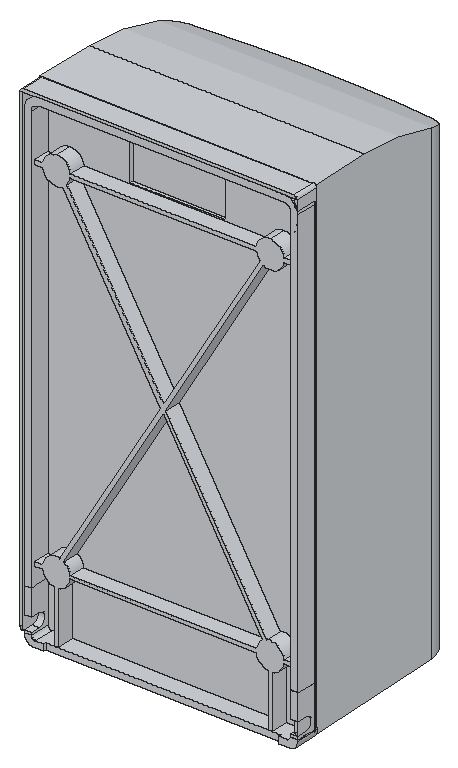
Revit family "510583", category Plumbing Fixtures, host Wall, Revit 2015
Parameters (values of type "Type 1")
  WarrantyDurationUnit = "10 years"
  WarrantyDescription = "Any manufacturing defect"
  URL = "http://www.delabie.com"
  Shape = "Rectangle"
  SerialNumber = "3456330169288"
  ProductInformation = "http://www.delabie.com/products/510583"
  Operation = "Soft touch"
  NominalWidth = "9cm"
  NominalLength = "10.5cm"
  NominalHeight = "18.5cm"
  Name = "510583"
  Model number = "510583"
  Model = "Liquid soap dispenser"
  Material = "304 stainless steel"
  ManufacturerName = "DELABIE"
  Manufacturer = "DELABIE"
  IntegralAccessoryOptions = "Hand dryer"
  Finish = "Bright polished"
  Features = "Liquid soap dispenser with soft-touch operation. Vandal-resistant model with lock and DELABIE standard key. One piece hinged cover for easy maintenance and improved hygiene. Soft-touch push button. Anti-blocking: one dose per push even if button is held in place. No waste, non-drip (waterproof) pump dispenser. Reservoir prevents the long-term stagnation of soap. Window for monitoring soap level. 304 stainless steel, bright polished finish. Stainless steel thickness: 1 mm. Capacity: 0.5 litre. Dimensions: 90 x 105 x 185mm. For vegetable based liquid soap with a maximum viscosity: 3,000 mPa.s."
  Description = "French manufacturer Delabie is a leader in the European sanitary ware market for non-domestic places. Water controls, solutions for disabled people, sanitary ware, for schools, leisure centres, offices, hospitals, airports…"
  DLB090013 = Stainless Steel
  Polantis code = "DLB090013"
  Category = "Soap dispenser"
Reference planes
  plane 1 "Mur": y = 0
  plane 2 "Centre (gauche/droite)": x = 125
  plane 3 "Arrière": y = 75
  plane 4: y = 75
Text (mm)
  text "Côté de la mise en place" at (-1848.837, 1116.779, 0), in view "Niveau de réf."
  text "Côté de la mise en place" at (0, 1409.804, 2854.306), in view "Gauche"
  text "Côté de la mise en place" at (0, 499.811, 2980.732), in view "Droite"
Dimensions and locks
  locked: plane 3 "Arrière" to host wall
  locked: plane 3 "Arrière" to plane 4 at 0
  aligned and locked: plane 1 "Mur" to host wall
  aligned and locked: nested 1 to plane 4
Nested families
  nested 1: "DLB090013" at (124.925, 119.055, 1200) x (-1, 0, 0) z (0, 0, 1), type "DLB090013"
Definition of nested family "DLB090013"
  Parameters (values of type "DLB090013")
    Polantis code = "DLB090013"
    DLB090013 1 = none
  Reference planes
    plane 1 "Center (Front/Back)": y = 0
    plane 2: z = 0
    plane 3 "Center (Left/Right)": x = 0
  Forms (mm)
    Revolve 1, solid, material <- "DLB090013 1"
      sketch origin (0, 44.063, 96.076) x (0, 0, 1) y (0, -1, 0)
        loop
          line (-66.144, 88.87) -> (-67.6, 88.87)
          arc (-67.6, 88.87) -> (-73.954, 88.495) -> (-80.261, 87.632) r 82.664
          arc (-80.261, 87.632) -> (-80.865, 87.283) -> (-81.104, 86.627) r 1.02
          line (-81.104, 86.627) -> (-81.104, 81.129)
          arc (-81.104, 81.129) -> (-83.002, 80.734) -> (-84.565, 79.587) r 4.566
          line (-84.565, 79.587) -> (-66.144, 79.587) -> (-66.144, 88.87)
        axis (-66.144, 79.587) -> (-66.144, 88.87)
      angle from 0 to 360
    Extrusion 2, solid, material <- "DLB090013 1"
      sketch origin (0, 44.063, 96.098) x (0, -1, 0) y (1, 0, 0)
        loop
          line (9.063, -51.847) -> (63.573, -51.074)
          arc (63.573, -51.074) -> (69.431, -49.075) -> (72.991, -44.011) r 10
          arc (72.991, -44.011) -> (79.6, 0.026) -> (72.991, 44.063) r 150.004
          arc (72.991, 44.063) -> (69.431, 49.128) -> (63.573, 51.127) r 10
          line (63.573, 51.127) -> (9.063, 51.899) -> (9.063, -51.847)
      from -95.509 to 96.569
    Sweep 3, void
      path origin (0, 0, 22.752) x (1, 0, 0) y (0, 0, 1)
        loop
          line (-66.82, 82.021) -> (63.18, 82.021)
      profile origin (-1.82, 0, 104.772) x (0, 0, 1) y (0, -1, 0)
        loop
          line (109.427, 37.498) -> (70.115, 37.498)
          arc (70.115, 37.498) -> (80.017, 13.591) -> (83.395, -12.064) r 99.124
          line (83.395, -12.064) -> (83.395, -57.041) -> (109.427, -57.041) -> (109.427, 37.498)
        loop
          line (-99.153, 37.801) -> (-106.614, 40.665) -> (-106.614, -35.176) -> (-100.426, -35.176) -> (-99.153, 37.801)
    Revolve 4, solid, material <- "DLB090013 1"
      sketch origin (0, -9.639, 22.613) x (1, 0, 0) y (0, 0, 1)
        loop
          line (0, -11.814) -> (-2.974, -11.814) -> (-2.974, -21.8)
          arc (-2.974, -21.8) -> (-2.681, -22.507) -> (-1.974, -22.8) r 1
          line (-1.974, -22.8) -> (0, -22.8) -> (0, -11.814)
        axis (0, -22.8) -> (0, -11.814)
      angle from 0 to 360
    Extrusion 5, solid, material <- "DLB090013 1"
      sketch origin (185.057, 136.652, 9.869) x (1, 0, 0) y (0, 0, 1)
        loop
          line (-135.031, -3.537) -> (-137.476, -3.537)
          arc (-137.476, -3.537) -> (-137.854, -4.449) -> (-138.766, -4.827) r 1.29
          line (-138.766, -4.827) -> (-233.228, -4.827)
          arc (-233.228, -4.827) -> (-234.134, -4.43) -> (-234.458, -3.496) r 1.234
          line (-234.458, -3.496) -> (-237.031, -3.496) -> (-237.031, -4.363)
          arc (-237.031, -4.363) -> (-236.162, -6.461) -> (-234.063, -7.33) r 2.967
          line (-234.063, -7.33) -> (-138.017, -7.33)
          arc (-138.017, -7.33) -> (-135.905, -6.456) -> (-135.031, -4.344) r 2.986
          line (-135.031, -4.344) -> (-135.031, -3.537)
      from 92.589 to 101.652
    Sweep 6, solid, material <- "DLB090013 1"
      path origin (185.057, 136.652, 9.869) x (1, 0, 0) y (0, 0, 1)
        loop
          line (-204.031, 177.27) -> (-232.031, 177.27)
          arc (-232.031, 177.27) -> (-235.566, 175.805) -> (-237.031, 172.27) r 5
          line (-237.031, 172.27) -> (-237.031, -4.363)
          arc (-237.031, -4.363) -> (-236.162, -6.461) -> (-234.063, -7.33) r 2.967
          line (-234.063, -7.33) -> (-138.017, -7.33)
          arc (-138.017, -7.33) -> (-135.905, -6.456) -> (-135.031, -4.344) r 2.986
          line (-135.031, -4.344) -> (-135.031, 172.27)
          arc (-135.031, 172.27) -> (-136.495, 175.805) -> (-140.031, 177.27) r 5
          line (-140.031, 177.27) -> (-168.031, 177.27)
      profile origin (-32.974, 136.652, 187.139) x (0, 0, -1) y (0, -1, 0)
        loop
          arc (1.514, 101.762) -> (0.477, 101.332) -> (0, 100.316) r 1.554
          line (0, 100.316) -> (1.514, 100.316) -> (1.514, 101.762)
    Extrusion 7, solid, material <- "DLB090013 1"
      sketch origin (185.057, 136.652, 9.869) x (1, 0, 0) y (0, 0, 1)
        loop
          arc (-231.908, 174.657) -> (-233.714, 173.909) -> (-234.462, 172.103) r 2.554
          line (-234.462, 172.103) -> (-234.462, -3.593)
          arc (-234.462, -3.593) -> (-234.101, -4.465) -> (-233.228, -4.827) r 1.234
          line (-233.228, -4.827) -> (-138.766, -4.827)
          arc (-138.766, -4.827) -> (-137.854, -4.449) -> (-137.476, -3.537) r 1.29
          line (-137.476, -3.537) -> (-137.476, 172.089)
          arc (-137.476, 172.089) -> (-138.228, 173.905) -> (-140.044, 174.657) r 2.568
          line (-140.044, 174.657) -> (-168.031, 174.657) -> (-168.031, 155.446) -> (-204.031, 155.446) -> (-204.031, 174.657) -> (-231.908, 174.657)
      from 100.316 to 101.762
    Extrusion 8, solid, material <- "DLB090013 1"
      sketch origin (0, 0, 22.752) x (1, 0, 0) y (0, 0, 1)
        loop
          arc (51.899, 164.398) -> (51.33, 165.089) -> (50.497, 165.415) r 1.78
          line (50.497, 165.415) -> (-50.52, 165.415)
          arc (-50.52, 165.415) -> (-51.356, 165.132) -> (-51.847, 164.398) r 1.373
          line (-51.847, 164.398) -> (51.899, 164.398)
      from -35 to -44.055
    Extrusion 9, solid, material <- "DLB090013 1"
      sketch origin (185.057, 136.652, 9.869) x (1, 0, 0) y (0, 0, 1)
        loop
          arc (-232.031, 177.27) -> (-235.566, 175.805) -> (-237.031, 172.27) r 5
          line (-237.031, 172.27) -> (-237.031, 12.25) -> (-234.462, 12.25) -> (-234.462, 172.103)
          arc (-234.462, 172.103) -> (-233.714, 173.909) -> (-231.908, 174.657) r 2.554
          line (-231.908, 174.657) -> (-140.044, 174.657)
          arc (-140.044, 174.657) -> (-138.228, 173.905) -> (-137.476, 172.089) r 2.568
          line (-137.476, 172.089) -> (-137.476, 12.25) -> (-135.031, 12.25) -> (-135.031, 172.27)
          arc (-135.031, 172.27) -> (-136.495, 175.805) -> (-140.031, 177.27) r 5
          line (-140.031, 177.27) -> (-232.031, 177.27)
      from 92.589 to 100.316
    Extrusion 10, solid, material <- "DLB090013 1"
      sketch origin (185.057, 136.652, 9.869) x (0, 1, 0) y (0, 0, 1)
        loop
          line (-92.589, -3.496) -> (-92.589, -2.638) -> (-96.234, -2.638)
          arc (-96.234, -2.638) -> (-98.834, -0.039) -> (-96.234, 2.561) r 2.6
          line (-96.234, 2.561) -> (-92.589, 2.561) -> (-92.589, 12.25) -> (-100.316, 12.25) -> (-100.316, -3.496) -> (-92.589, -3.496)
      from -237.031 to -234.458
    Extrusion 11, solid, material <- "DLB090013 1"
      sketch origin (284.484, 136.652, 9.869) x (0, 1, 0) y (0, 0, 1)
        loop
          line (-92.589, -3.496) -> (-92.589, -2.638) -> (-96.234, -2.638)
          arc (-96.234, -2.638) -> (-98.834, -0.039) -> (-96.234, 2.561) r 2.6
          line (-96.234, 2.561) -> (-92.589, 2.561) -> (-92.589, 12.25) -> (-100.316, 12.25) -> (-100.316, -3.496) -> (-92.589, -3.496)
      from -236.903 to -234.458
    Sweep 12, void
      path origin (185.057, 136.652, 9.869) x (0, 1, 0) y (0, 0, 1)
        loop
          line (-96.017, -2.213) -> (-96.017, -8.164)
      profile origin (185.057, 40.634, 4.681) x (1, 0, 0) y (0, 1, 0)
        loop
          line (-230.023, 2.43) -> (-142.039, 2.43) -> (-142.039, 4.062) -> (-230.023, 4.062) -> (-230.023, 2.43)
    Extrusion 13, solid, material <- "DLB090013 1"
      sketch origin (185.057, 136.652, 9.869) x (1, 0, 0) y (0, 0, 1)
        loop
          line (-231.136, 155.432) -> (-234.76, 155.432) -> (-234.76, 153.797) -> (-231.136, 153.797)
          arc (-231.136, 153.797) -> (-228.289, 149.983) -> (-223.532, 150.152) r 5.128
          line (-223.532, 150.152) -> (-186.918, 88.593) -> (-224.656, 25.146)
          arc (-224.656, 25.146) -> (-228.894, 24.432) -> (-231.144, 20.77) r 5.193
          line (-231.144, 20.77) -> (-234.718, 20.77) -> (-234.718, 19.353) -> (-231.126, 19.353)
          arc (-231.126, 19.353) -> (-230.627, 17.821) -> (-229.681, 16.518) r 5.163
          arc (-229.681, 16.518) -> (-228.355, 15.557) -> (-226.794, 15.06) r 5.163
          line (-226.794, 15.06) -> (-226.794, -4.687) -> (-225.284, -4.687) -> (-225.284, 15.056)
          arc (-225.284, 15.056) -> (-222.323, 16.57) -> (-220.899, 19.575) r 5.163
          line (-220.899, 19.575) -> (-151.138, 19.575)
          arc (-151.138, 19.575) -> (-149.714, 16.57) -> (-146.753, 15.056) r 5.163
          line (-146.753, 15.056) -> (-146.753, -4.687) -> (-145.242, -4.687) -> (-145.242, 15.06)
          arc (-145.242, 15.06) -> (-143.681, 15.557) -> (-142.355, 16.518) r 5.163
          arc (-142.355, 16.518) -> (-141.409, 17.821) -> (-140.911, 19.353) r 5.163
          line (-140.911, 19.353) -> (-137.318, 19.353) -> (-137.318, 20.77) -> (-140.893, 20.77)
          arc (-140.893, 20.77) -> (-143.151, 24.438) -> (-147.402, 25.14) r 5.193
          line (-147.402, 25.14) -> (-185.144, 88.593) -> (-148.529, 150.152)
          arc (-148.529, 150.152) -> (-143.772, 149.983) -> (-140.925, 153.797) r 5.128
          line (-140.925, 153.797) -> (-137.302, 153.797) -> (-137.302, 155.432) -> (-140.925, 155.432)
          arc (-140.925, 155.432) -> (-142.697, 158.537) -> (-146.019, 159.86) r 5.414
          arc (-146.019, 159.86) -> (-149.456, 158.662) -> (-151.136, 155.432) r 4.933
          line (-151.136, 155.432) -> (-220.925, 155.432)
          arc (-220.925, 155.432) -> (-222.605, 158.662) -> (-226.043, 159.86) r 4.933
          arc (-226.043, 159.86) -> (-229.364, 158.537) -> (-231.136, 155.432) r 5.414
        loop
          arc (-220.915, 153.907) -> (-221.398, 152.389) -> (-222.314, 151.087) r 5.239
          line (-222.314, 151.087) -> (-186.031, 90.085) -> (-149.747, 151.087)
          arc (-149.747, 151.087) -> (-150.664, 152.389) -> (-151.146, 153.907) r 5.239
          line (-151.146, 153.907) -> (-220.915, 153.907)
        loop
          arc (-223.253, 24.521) -> (-221.698, 22.904) -> (-221, 20.771) r 5.031
          line (-221, 20.771) -> (-151.036, 20.771)
          arc (-151.036, 20.771) -> (-150.344, 22.895) -> (-148.801, 24.51) r 5.031
          line (-148.801, 24.51) -> (-186.031, 87.102) -> (-223.253, 24.521)
      from 93.559 to 99.789
    Extrusion 14, solid, material <- "DLB090013 1"
      sketch origin (-195, -35.937, 23.031) x (0, 1, 0) y (0, 0, 1)
        loop
          line (80, -14.635) -> (80, 164.118) -> (70.945, 164.118) -> (70.945, -17.502) -> (76.855, -17.627)
          arc (76.855, -17.627) -> (79.044, -16.779) -> (80, -14.635) r 3.081
      from 143.153 to 144.026
    Extrusion 15, solid, material <- "DLB090013 1"
      sketch origin (-92.127, -35.937, 23.031) x (0, 1, 0) y (0, 0, 1)
        loop
          line (80, -14.635) -> (80, 164.118) -> (70.945, 164.118) -> (70.945, -17.502) -> (76.855, -17.627)
          arc (76.855, -17.627) -> (79.044, -16.779) -> (80, -14.635) r 3.081
      from 143.153 to 144.026
  Cuts and joins
    Sweep 3 cuts Extrusion 2
    Sweep 12 cuts Extrusion 5
